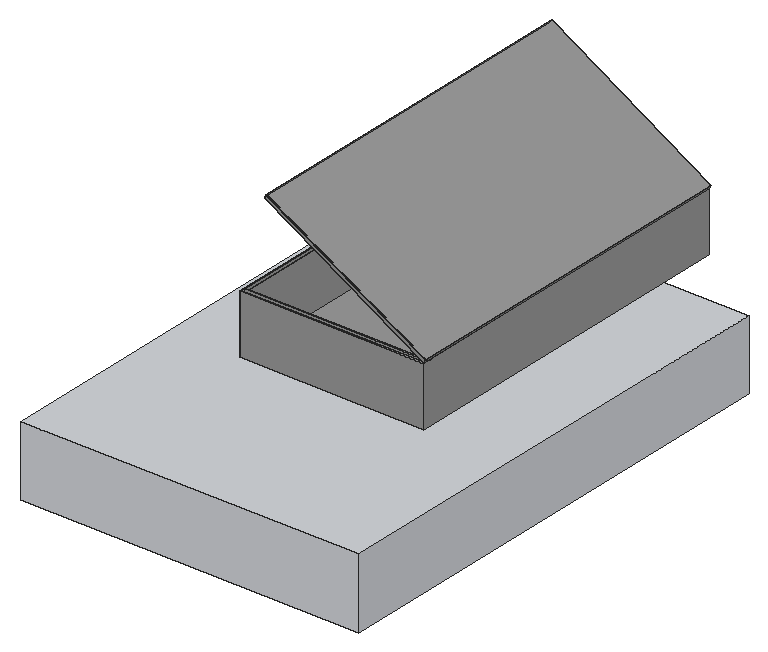
Revit family "Hager-Univers-IP55-D275-H1550-Cl.II-Steel_encl-CH-fr", category Equipement électrique, Revit 2020
Family settings
  Hôte = Face
  Configuration du panneau = Deux colonnes, circuits au sein
  Cote de connecteur circulaire = Utiliser le diamètre
  Type d'élément = Tableau de raccordement
  Couper avec des vides une fois chargée = Non
  Partagée = Non
  Point de calcul de pièce = Non
Parameters (values of type "saillie IP55 L800 H1550 P275  - FR03S")
  Width Control [instance] = if([EF000008 - largeur] > Min Width, [EF000008 - largeur], Min Width)  # 800 mm
  Commentaires du type = [HG000003 - Gamme]  # "Univers"
  Thickness Door [instance] = if([EF009171 - épaisseur de matériau de la porte/du couvercle] > 3 mm, 3 mm, [EF009171 - épaisseur de matériau de la porte/du couvercle])  # 1.5 mm
  Seal Frame Offset [instance] = 17 mm  # constant formula
  Plinth Visibility [instance] = [HG000027 - Hauteur du socle] > 0 mm  # no
  Model = ""
  Min Width [instance] = 100 mm  # constant formula
  Min Height [instance] = 100 mm  # constant formula
  Min Depth [instance] = (2 * [EF009170 - épaisseur de matériau du boîtier]) + 1 mm  # 4 mm
  Internal Frame Depth [instance] = (Door System Depth * 0.5)  # 9 mm
  Height Control [instance] = if([EF000040 - hauteur] > Min Height, [EF000040 - hauteur], Min Height)  # 1550 mm
  HG000027 - Hauteur du socle = 0 mm
  HG000026 - Installation au sol = no
  HG000024 - Hauteur de la section basse = 800 mm
  HG000023 - Armoire double section = no
  HG000016 - Visibilité de la porte 3D [instance] = yes
  HG000015 - Visibilité de l'emprise de la porte [instance] = no
  HG000014 - Porte à droite [instance] = yes
  HG000013 - Porte à gauche [instance] = not([HG000014 - Porte à droite])  # no
  HG000012 - Angle de pivotement de la porte [instance] = 30.00°
  HG000010 - Portes asymétriques = no
  HG000009 - Porte à double battant = no
  HG000006 - Encastré = no
  HG000004 - Référence fabricant = "FR03S"
  HG000003 - Gamme = "Univers"
  HG000002 - avec porte = yes
  Frame Offset Bottom [instance] = 10 mm  # constant formula
  Frame Offset [instance] = 15 mm  # constant formula
  EF015940 - couvercle avec décharge de pression = no
  EF011959 - degré de protection (NEMA) = ""
  EF009554 - nombre d'ouvertures pour plaques à bride = 6
  Fabricant = "Hager"  # constant formula
  EF009212 - finition du couvercle = "EV000116 - fermé"
  EF009171 - épaisseur de matériau de la porte/du couvercle = 1.5 mm
  EF009170 - épaisseur de matériau du boîtier = 1.5 mm
  EF008873 - courant nominal (In) = 800 A
  EF007800 - adapté à un parafoudre = no
  EF006306 - avec serrure = no
  EF006244 - couvercle/porte transparent(e) = no
  EF005474 - indice de protection (IP) = "EV006420 - IP55"
  EF004464 - type de porte = "EV002646 - unique"
  EF004427 - nombre de modules = 360
  EF004293 - indice de protection contre les chocs (IK) = "EV008784 - IK10"
  EF003532 - convient pour utilisation à l’extérieur = no
  EF002950 - largeur en nombre de modules = 24
  EF001613 - maintien de fonction = "EV000494 - sans"
  EF001596 - matériau du boîtier/corps = "EV000179 - acier"
  EF001131 - profondeur intérieure = 275 mm
  EF001088 - possibilité de montage en saillie = yes
  EF000437 - nombre d'entrées de conduit = 6
  EF000339 - type de capot = "EV004216 - porte"
  EF000266 - nombre de rangées = 10
  EF000218 - profondeur d'encastrement = 0 mm
  EF000118 - avec cadre/support de montage = no
  EF000116 - numéro RAL = "7035"
  EF000049 - profondeur = 275 mm
  EF000040 - hauteur = 1550 mm
  EF000008 - largeur = 800 mm
  EF000007 - couleur = "EV000270 - gris"
  EF000003 - mode de pose = "EV000384 - saillie"
  Door System Leaf Tolerance [instance] = 1.5 mm  # constant formula
  Door System Depth [instance] = 18 mm  # constant formula
  Door Height [instance] = Height Control - [HG000027 - Hauteur du socle]  # 1550 mm
  Depth Control [instance] = if([EF000049 - profondeur] > Min Depth, [EF000049 - profondeur], Min Depth)  # 275 mm
  Default Elevation = 0 mm
  Connector Offset [instance] = Height Control / 2  # 775 mm
  Bottom Top Plate Trim [instance] = 1.5 mm  # constant formula
  Plinth height Ctrl [instance] = if([HG000027 - Hauteur du socle] > 0 mm, [HG000027 - Hauteur du socle], 12 mm)  # 12 mm
Types (5, lengths in mm): name | Width Control | HG000010 - Portes asymétriques | HG000009 - Porte à double battant | HG000004 - Référence fabricant | EF009554 - nombre d'ouvertures pour plaques à bride | EF004464 - type de porte | EF004427 - nombre de modules | EF000437 - nombre d'entrées de conduit | EF000008 - largeur
  saillie IP55 L1050 H1550 P275  - FR04S | 1050 | no | yes | "FR04S" | 8 | "EV003602 - double" | 480 | 8 | 1050
  saillie IP55 L1300 H1550 P275  - FR05S | 1300 | yes | yes | "FR05S" | 10 | "EV003602 - double" | 600 | 10 | 1300
  saillie IP55 L300 H1550 P275  - FR01S | 300 | no | no | "FR01S" | 2 | "EV002646 - unique" | 120 | 2 | 300
  saillie IP55 L550 H1550 P275  - FR02S | 550 | no | no | "FR02S" | 4 | "EV002646 - unique" | 240 | 4 | 550
  saillie IP55 L800 H1550 P275  - FR03S | 800 | no | no | "FR03S" | 6 | "EV002646 - unique" | 360 | 6 | 800
Reference planes
  plane 1 "Center (Front/Back)": y = 0
  plane 2: z = 0
  plane 3 "Center (Left/Right)": x = 0
  plane 4: z = 275
  plane 5: y = 1.5
  plane 6: y = 775
  plane 7: y = 0
  plane 8: y = 1550
  plane 9: z = 0
  plane 10: x = -385
  plane 11: x = 385
  plane 12: x = 383.5
  plane 13: x = -383.5
  plane 14: y = 1548.5
  plane 15: x = -383
  plane 16: x = -400
  plane 17: x = 383
  plane 18: x = 400
  plane 19: x = 398.5
  plane 20: x = -398.5
  plane 21: y = 11.5
  plane 22: y = 1550
  plane 23: y = 1533.5
  plane 24: z = 257
  plane 25: z = 1.5
  plane 26: z = 255.5
  plane 27: z = 273.5
Forms (mm)
  Extrusion 1, solid
    sketch origin (0, 0, 0) x (1, 0, 0) y (0, 1, 0)
      loop
        line (-702.964, 1305) -> (-702.964, -811.445) -> (766.763, -811.445) -> (766.763, 1305) -> (-702.964, 1305)
    from 0 to -304.8
  Extrusion 2, solid, material "Hager_Steel_RAL7035_Light_Grey", visible <- "Plinth Visibility", detail levels medium+fine
    sketch origin (0, 0, 0) x (1, 0, 0) y (0, 1, 0)
      loop
        line (-400, 0) -> (400, 0) -> (400, 12) -> (-400, 12) -> (-400, 0)
    from 0 to 257
  Extrusion 3, solid, material "Hager_Steel_RAL7035_Light_Grey", detail levels medium+fine
    sketch origin (0, 0, 0) x (1, 0, 0) y (0, 1, 0)
      loop
        line (-400, 0) -> (400, 0) -> (400, 1550) -> (-400, 1550) -> (-400, 0)
    from 0 to 257
  Extrusion 4, void
    sketch origin (0, 0, 0) x (1, 0, 0) y (0, 1, 0)
      loop
        line (-398.5, 1.5) -> (398.5, 1.5) -> (398.5, 1548.5) -> (-398.5, 1548.5) -> (-398.5, 1.5)
    from 1.5 to 255.5
  Extrusion 5, void
    sketch origin (-381.607, -4572, 257) x (0, -1, 0) y (-1, 0, 0)
      loop
        line (-4583.5, 1.893) -> (-6105.5, 1.893) -> (-6105.5, -765.107) -> (-4583.5, -765.107) -> (-4583.5, 1.893)
    from 0 to 1.5 <- "EF009170 - épaisseur de matériau du boîtier"
  Extrusion 6, solid, material "Hager_Steel_RAL7035_Light_Grey", detail levels fine
    sketch origin (0, 0, 257) x (1, 0, 0) y (0, 1, 0)
      loop
        line (-383.5, 1533.5) -> (-383.5, 11.5) -> (383.5, 11.5) -> (383.5, 1533.5) -> (-383.5, 1533.5)
      loop
        line (-385, 10) -> (385, 10) -> (385, 1535) -> (-385, 1535) -> (-385, 10)
    from 0 to 9 <- "Internal Frame Depth"
  Extrusion 7, solid, material "Hager_Steel_RAL7035_Light_Grey", detail levels coarse
    sketch origin (0, 0, 0) x (1, 0, 0) y (0, 1, 0)
      loop
        line (-400, 0) -> (400, 0) -> (400, 1550) -> (-400, 1550) -> (-400, 0)
    from 0 to 275
  Sweep 8, void
    path in 3D
      loop
        line (-400, 12, 0) -> (400, 12, 0) -> (400, 12, 257) -> (-400, 12, 257) -> (-400, 12, 0)
    profile origin (-400, 12, 128.5) x (-1, 0, 0) y (0, -1, 0)
      loop
        line (0, 0) -> (0, 1.5) -> (-1.5, 1.5)
        arc (-1.5, 1.5) -> (-1.061, 0.439) -> (0, 0) r 1.5
Cuts and joins
  Extrusion 4, Extrusion 5 cuts Extrusion 3
  Sweep 8 cuts Extrusion 2
Lines and regions (mm)
  Masking region 1
    outline origin (0, 0, 0) x (1, 0, 0) y (0, 0, 1)
      loop
        line (-400, 275) -> (-400, 0) -> (400, 0) -> (400, 275) -> (-400, 275)
  Masking region 2, detail levels medium+fine
    outline origin (0, 140, 0) x (0, 1, 0) y (0, 0, 1)
      loop
        line (-140, 0) -> (1410, 0) -> (1410, 257) -> (-140, 257) -> (-140, 0)
  Masking region 3, not visible, detail levels medium+fine
    outline origin (0, 297.922, 0) x (0, 1, 0) y (0, 0, 1)
      loop
        line (488.578, 0) -> (528.578, 0) -> (528.578, 263.5)
        arc (528.578, 263.5) -> (525.649, 270.571) -> (518.578, 273.5) r 10
        line (518.578, 273.5) -> (488.578, 273.5) -> (488.578, 0)
  Masking region 4, detail levels coarse
    outline origin (0, 0, 180) x (0, 1, 0) y (0, 0, 1)
      loop
        line (0, -180) -> (1550, -180) -> (1550, 95) -> (0, 95) -> (0, -180)
  Masking region 5, visible <- "Plinth Visibility", detail levels medium+fine
    outline origin (0, 52.24, 12.345) x (0, 0, -1) y (0, 1, 0)
      loop
        line (10.845, -40.24) -> (-243.155, -40.24)
        arc (-243.155, -40.24) -> (-243.594, -41.301) -> (-244.655, -41.74) r 1.5
        line (-244.655, -41.74) -> (-244.655, -52.24) -> (12.345, -52.24) -> (12.345, -41.74)
        arc (12.345, -41.74) -> (11.285, -41.301) -> (10.845, -40.24) r 1.5
  Masking region 6, detail levels medium+fine
    outline origin (-381.607, -4572, 257) x (-1, 0, 0) y (0, -1, 0)
      loop
        line (18.393, -6122) -> (18.393, -4572) -> (-781.607, -4572) -> (-781.607, -6122) -> (18.393, -6122)
  Masking region 7, visible <- "Plinth Visibility", detail levels medium+fine
    outline origin (-381.607, -4727, 257) x (-1, 0, 0) y (0, -1, 0)
      loop
        arc (16.893, -4739) -> (17.332, -4737.939) -> (18.393, -4737.5) r 1.5
        line (18.393, -4737.5) -> (18.393, -4727) -> (-781.607, -4727) -> (-781.607, -4737.5)
        arc (-781.607, -4737.5) -> (-780.546, -4737.939) -> (-780.107, -4739) r 1.5
        line (-780.107, -4739) -> (16.893, -4739)
  Masking region 8, detail levels coarse
    outline origin (-442.548, -4669.526, 257) x (-1, 0, 0) y (0, -1, 0)
      loop
        line (-42.548, -6219.526) -> (-42.548, -4669.526) -> (-842.548, -4669.526) -> (-842.548, -6219.526) -> (-42.548, -6219.526)
  sketch lines
    curve 1: line (-400, 12, 257) -> (-400, 12, 0)
    curve 2: line (400, 12, 257) -> (-400, 12, 257)
    curve 3: line (400, 12, 257) -> (400, 12, 0)
    curve 4: line (-400, 12, 0) -> (400, 12, 0)
Dimensions and locks
  "Depth Control": plane 4 to Extrusion 1
  "HG000027 - Hauteur du socle": plane 1 "Center (Front/Back)" to plane 7
  "EF009170 - épaisseur de matériau du boîtier": plane 5 to plane 7
  locked: connector elem to plane 3 "Center (Left/Right)"
  equal spacing: plane 8, plane 6, plane 7
  locked: connector elem to plane 6
  "EF009170 - épaisseur de matériau du boîtier": plane 8 to plane 14
  "EF009170 - épaisseur de matériau du boîtier": plane 10 to plane 13
  "EF009170 - épaisseur de matériau du boîtier": plane 12 to plane 11
  "Frame Offset": plane 20 to plane 13
  "Frame Offset": plane 12 to plane 19
  "EF009170 - épaisseur de matériau du boîtier": plane 16 to plane 20
  "EF009170 - épaisseur de matériau du boîtier": plane 19 to plane 18
  "Seal Frame Offset": plane 16 to plane 15
  "Seal Frame Offset": plane 17 to plane 18
  "Frame Offset Bottom": plane 21 to plane 5
  "Frame Offset": plane 14 to plane 23
  equal spacing: plane 16, plane 3 "Center (Left/Right)", plane 18
  "Width Control": plane 16 to plane 18
  "EF009170 - épaisseur de matériau du boîtier": plane 4 to plane 27
  "EF009170 - épaisseur de matériau du boîtier": plane 24 to plane 26
  "EF009170 - épaisseur de matériau du boîtier": plane 25 to level
  "Door System Depth": plane 4 to plane 24
  "Height Control": plane 1 "Center (Front/Back)" to Extrusion 7 sketch curve
  "Height Control": Masking region 4 sketch curve to plane 1 "Center (Front/Back)"
  "Height Control": plane 1 "Center (Front/Back)" to plane 22
  "Bottom Top Plate Trim": profile plane to Sweep 8 sketch curve
  "Bottom Top Plate Trim": Sweep 8 sketch curve to profile plane
  "Plinth height Ctrl": plane 1 "Center (Front/Back)" to Extrusion 2 sketch curve
  "Plinth height Ctrl": Masking region 5 sketch curve to plane 1 "Center (Front/Back)"
  "Plinth height Ctrl": plane 1 "Center (Front/Back)" to Masking region 7 sketch curve
  "Thickness Door": Extrusion 6 sketch curve to Extrusion 6 sketch curve  (x3)
  "Thickness Door": cut or joined group of Extrusion 3, Extrusion 4, Extrusion 5 to Extrusion 6 sketch curve
  radius of Masking region 3 sketch curve = 10 mm
  "Bottom Top Plate Trim": radius of Masking region 5 sketch curve  (x2)
  "Bottom Top Plate Trim": radius of Sweep 8 sketch curve
  "Bottom Top Plate Trim": radius of Masking region 7 sketch curve  (x2)
  aligned and locked: plane 2 to Extrusion 1
  aligned and locked: level to Extrusion 1
  aligned and locked: level to Masking region 1 sketch curve
  aligned and locked: Masking region 1 sketch curve to plane 18
  aligned and locked: Masking region 1 sketch curve to plane 16
  aligned and locked: plane 7 to Masking region 2 sketch curve
  aligned and locked: level to Masking region 3 sketch curve
  aligned and locked: Masking region 3 sketch curve to plane 27
  aligned and locked: level to Masking region 2 sketch curve
  aligned and locked: plane 1 "Center (Front/Back)" to Extrusion 2 sketch curve
  aligned and locked: Extrusion 3 sketch curve to plane 7
  aligned and locked: plane 16 to Extrusion 3 sketch curve
  aligned and locked: plane 18 to Extrusion 3 sketch curve
  aligned and locked: plane 20 to Extrusion 4 sketch curve
  aligned and locked: plane 19 to Extrusion 4 sketch curve
  aligned and locked: Extrusion 4 sketch curve to plane 5
  aligned and locked: Extrusion 4 to plane 25
  aligned and locked: plane 26 to Extrusion 4
  aligned and locked: plane 24 to Extrusion 3
  aligned and locked: Extrusion 5 sketch curve to plane 21
  aligned and locked: Extrusion 5 sketch curve to plane 13
  aligned and locked: Extrusion 5 sketch curve to plane 12
  aligned and locked: plane 18 to Extrusion 7 sketch curve
  aligned and locked: plane 1 "Center (Front/Back)" to Extrusion 7 sketch curve
  aligned and locked: plane 16 to Extrusion 7 sketch curve
  aligned and locked: plane 4 to Extrusion 7
  aligned and locked: Extrusion 7 to level
  aligned and locked: level to Masking region 4 sketch curve
  aligned and locked: Masking region 4 sketch curve to plane 1 "Center (Front/Back)"
  aligned and locked: Masking region 4 sketch curve to plane 4
  aligned and locked: nested 1 to level
  aligned and locked: nested 1 to plane 16
  aligned and locked: plane 8 to Extrusion 3 sketch curve
  aligned and locked: plane 23 to Extrusion 5 sketch curve
  aligned and locked: plane 14 to Extrusion 4 sketch curve
  aligned and locked: Masking region 2 sketch curve to plane 8
  aligned and locked: level to Masking region 5 sketch curve
  aligned and locked: plane 16 to Extrusion 2 sketch curve
  aligned and locked: plane 18 to Extrusion 2 sketch curve
  aligned and locked: Masking region 5 sketch curve to plane 24
  aligned and locked: Masking region 2 sketch curve to plane 24
  aligned and locked: plane 24 to Extrusion 2
  aligned and locked: profile plane to Sweep 8 sketch curve  (x2)
  aligned and locked: Masking region 6 sketch curve to plane 18
  aligned and locked: Masking region 6 sketch curve to plane 22
  aligned and locked: Masking region 6 sketch curve to plane 16
  aligned and locked: plane 8 to plane 22
  aligned and locked: Masking region 6 sketch curve to plane 7
  aligned and locked: Masking region 7 sketch curve to plane 16
  aligned and locked: Masking region 7 sketch curve to plane 1 "Center (Front/Back)"
  aligned and locked: Masking region 7 sketch curve to plane 18
  aligned and locked: Masking region 8 sketch curve to plane 1 "Center (Front/Back)"
  aligned and locked: Masking region 8 sketch curve to plane 18
  aligned and locked: Masking region 8 sketch curve to plane 22
  aligned and locked: Masking region 8 sketch curve to plane 16
  aligned and locked: nested 2 to plane 7
  aligned and locked: plane 3 "Center (Left/Right)" to nested 2
  aligned and locked: nested 2 to plane 24
  aligned and locked: Extrusion 6 sketch curve to cut or joined group of Extrusion 3, Extrusion 4, Extrusion 5  (x4)
Automatic sketch dimensions
  Extrusion 1 sketch curve to Extrusion 1 sketch curve = 1469.727 mm
  Extrusion 1 sketch curve to Extrusion 1 sketch curve = 2116.445 mm
  Masking region 1 sketch curve to plane 4 = 0 mm
  plane 6 to Masking region 3 sketch curve = 11.5 mm
  Masking region 3 sketch curve to Masking region 3 sketch curve = 30 mm
  Masking region 5 sketch curve to plane 1 "Center (Front/Back)" = 0 mm
Nested families
  nested 1: "Hager_Enclosure_Symbol" at (-400, 0, 0) x (1, 0, 0) z (0, -1, 0), Height <- "Depth Control", Width <- "Width Control", type "Hager_Enclosure_Symbol"
    with Width_Ctrl 800 mm, Width 800 mm, Height_Ctrl 275 mm, Height 275 mm, A_Width_Int 18.047 mm, A_Width 216.562 mm, A_Height_Ctrl 240.625 mm, A_Height 240.625 mm
  nested 2: "EC000058_Univers_Door" at (0, 0, 257) x (1, 0, 0) z (0, 1, 0), Leaf_Tolerance <- "Door System Leaf Tolerance", Angle <- "HG000012 - Angle de pivotement de la porte", Door_Depth <- "Door System Depth", Door_Left <- "HG000013 - Porte à gauche", Transparent <- "EF006244 - couvercle/porte transparent(e)", Assymetrical <- "HG000010 - Portes asymétriques", Width <- "Width Control", Clearance <- "HG000015 - Visibilité de l'emprise de la porte", Double <- "HG000009 - Porte à double battant", 3d_Door <- "HG000016 - Visibilité de la porte 3D", Lock_Visibility <- "EF006306 - avec serrure", Width_Ctrl <- "Width Control", Door_Right <- "HG000014 - Porte à droite", Door <- "HG000002 - avec porte", Height <- "Door Height", Thickness <- "Thickness Door", type "EC000058_Univers_Door", detail levels medium+fine
    with min_wh 4 mm, Width_Ctrl 800 mm, Width 800 mm, Transparent no, Thickness 1.5 mm, Seal_Material Hager_Rubber, Lock_Visibility no, Lock_Material Hager_Plastic_RAL9005_Jet_Black, Leaf_Width 800 mm, Leaf_Tolerance_External_Sides 0 mm, Leaf_Tolerance 1.5 mm, Leaf_Offset 0 mm, Leaf_Height 1547 mm, Leaf_2_Width 800 mm, Leaf_2_Offset 400 mm, Leaf_1_Width 800 mm, Leaf_1_Offset 400 mm, Height_Ctrl 1550 mm, Height 1550 mm, Glass_Material Hager_Glass, Double_Clearance_Ctrl no, Double no, Door_Right_Ctrl yes, Door_Right yes, Door_Material Hager_Steel_RAL7035_Light_Grey, Door_Left_Ctrl no, Door_Left no, Door_Depth 18 mm, Door yes, Clearance_Material Hager_Clearance, Clearance_Depth 800 mm, Clearance_Ctrl no, Clearance no, Assymetrical no, Angle 30.00°, 3d_Door yes
Connectors
  electrical at (0, 775, 0)
    settings: on plane 9, index 1, voltage 0 V, apparent load 0 VA, apparent load phase1 0 VA, apparent load phase2 0 VA, apparent load phase3 0 VA, power factor 1, load classification "Other", number of poles 1, system type 30, power factor state 1, is connector primary yes, connector utility no, sub classification motor no, connector description ""
Definition of nested family "EC000058_Univers_Door"
  Parameters (values of type "EC000058_Univers_Door")
    min_wh [instance] = (2 * Thickness) + 1 mm  # 11 mm
    Width_Ctrl [instance] = 400 mm
    Width [instance] = 500 mm
    Transparent [instance] = yes
    Thickness [instance] = 5 mm
    Seal_Material [instance] = none
    Lock_Visibility [instance] = yes
    Lock_Material [instance] = none
    Leaf_Width [instance] = if((Width_Ctrl - 2 * Leaf_Tolerance_External_Sides) > 0 mm, (Width_Ctrl - 2 * Leaf_Tolerance_External_Sides), min_wh)  # 400 mm
    Leaf_Tolerance_External_Sides [instance] = 0 mm  # constant formula
    Leaf_Tolerance [instance] = 1.5 mm
    Leaf_Offset [instance] = 0 mm  # constant formula
    Leaf_Height [instance] = if((Height_Ctrl - 2 * Leaf_Tolerance) > 0 mm, (Height_Ctrl - 2 * Leaf_Tolerance), min_wh)  # 497 mm
    Leaf_2_Width [instance] = if(and(and(Double, Assymetrical), Door_Left), (Leaf_Width / 3) - (Leaf_Tolerance / 2), if(and(and(Double, Assymetrical), Door_Right), (Leaf_Width / 3) * 2 - (Leaf_Tolerance / 2), if(and(Double, not(Assymetrical)), (Leaf_Width / 2) - Leaf_Tolerance, Leaf_Width)))  # 400 mm
    Leaf_2_Offset [instance] = if(and(Double, Assymetrical), Leaf_2_Width / 2, if(and(Double, not(Assymetrical)), Leaf_Width / 4, Leaf_Width / 2))  # 200 mm
    Leaf_1_Width [instance] = if(and(and(Double, Assymetrical), Door_Right), (Leaf_Width / 3) - (Leaf_Tolerance / 2), if(and(and(Double, Assymetrical), Door_Left), (Width / 3) * 2 - (Leaf_Tolerance / 2), if(and(Double, not(Assymetrical)), (Leaf_Width / 2) - Leaf_Tolerance, Leaf_Width)))  # 400 mm
    Leaf_1_Offset [instance] = if(and(Double, Assymetrical), Leaf_1_Width / 2, if(and(Double, not(Assymetrical)), Leaf_Width / 4, Leaf_Width / 2))  # 200 mm
    Height_Ctrl [instance] = if(Height > min_wh, Height, min_wh)  # 500 mm
    Height [instance] = 500 mm
    Glass_Material [instance] = none
    Double_Clearance_Ctrl [instance] = and(Double, Clearance)  # no
    Double [instance] = no
    Door_Right_Ctrl [instance] = and(or(Door_Right, Double), Door)  # yes
    Door_Right [instance] = yes
    Door_Material [instance] = none
    Door_Left_Ctrl [instance] = and(or(Door_Left, Double), Door)  # no
    Door_Left [instance] = no
    Door_Depth [instance] = 30 mm
    Door [instance] = yes
    Default Elevation = 1219.2 mm
    Clearance_Material [instance] = none
    Clearance_Depth [instance] = if(Leaf_1_Width > Leaf_2_Width, Leaf_1_Width, Leaf_2_Width)  # 400 mm
    Clearance_Ctrl [instance] = and(not(Double), Clearance)  # yes
    Clearance [instance] = yes
    Assymetrical [instance] = yes
    Angle [instance] = 30.00°
    3d_Door [instance] = yes
  Reference planes
    plane 1 "Center (Front/Back)": y = 0
    plane 2 "Bottom": z = 0
    plane 3 "Center (Left/Right)": x = 0
    plane 4: z = 500
    plane 5: x = -200
    plane 6: x = 200
    plane 7: z = 500
    plane 8: x = -200
    plane 9: z = 0
    plane 10: x = 200
    plane 11: y = 0
    plane 12: z = 1.5
    plane 13: x = -600
    plane 14: y = -400
    plane 15: x = 600
    plane 16: x = 0
    plane 17: x = 0
    plane 18: x = -200
    plane 19: x = 200
    plane 20: z = 498.5
  Forms (mm)
    Extrusion 1, solid, material <- "Clearance_Material", visible <- "Double_Clearance_Ctrl"
      sketch origin (1200, 0, 0) x (1, 0, 0) y (0, 0, -1)
        loop
          line (-1800, -498.5) -> (-600, -498.5) -> (-600, 0) -> (-1800, 0) -> (-1800, -498.5)
      from 0 to -400
  Dimensions and locks
    equal spacing: plane 5, plane 3 "Center (Left/Right)", plane 6
    "Width_Ctrl": plane 5 to plane 6
    "Leaf_Offset": plane 5 to plane 8
    "Leaf_Offset": plane 6 to plane 10
    "Leaf_Offset": plane 9 to level
    "Leaf_Offset": plane 4 to plane 7
    "Height_Ctrl": plane 4 to level
    "Leaf_Tolerance": plane 12 to plane 9
    locked: plane 11 to plane 1 "Center (Front/Back)"
    "Leaf_1_Offset": plane 18 to plane 16
    "Leaf_2_Offset": plane 17 to plane 19
    "Leaf_1_Width": plane 13 to plane 8
    "Leaf_2_Width": plane 10 to plane 15
    "Clearance_Depth": plane 14 to plane 1 "Center (Front/Back)"
    "Leaf_Tolerance_External_Sides": plane 8 to plane 18
    "Leaf_Tolerance_External_Sides": plane 19 to plane 10
    "Leaf_Tolerance": plane 7 to plane 20
    aligned and locked: level to plane 2 "Bottom"
    aligned and locked: nested 1 to plane 16
    aligned and locked: nested 2 to plane 17
    aligned and locked: Extrusion 1 to plane 13
    aligned and locked: plane 15 to Extrusion 1
    aligned and locked: Extrusion 1 to plane 14
    aligned and locked: plane 12 to nested 1
    aligned and locked: nested 2 to plane 12
    aligned and locked: Extrusion 1 to plane 11
    aligned and locked: plane 20 to Extrusion 1
    aligned and locked: nested 2 to plane 11
    aligned and locked: nested 1 to plane 11
  Automatic sketch dimensions
    Extrusion 1 sketch curve to level = 0 mm
    plane 5 to Extrusion 1 sketch curve = 400 mm
    plane 6 to Extrusion 1 sketch curve = 400 mm
    Extrusion 1 sketch curve to plane 4 = 1.5 mm
  Nested families
    nested 1: "EC000058_Univers_Door_Leaf" at (0, 0, 1.5), Width <- "Leaf_1_Width", visible <- "Door_Left_Ctrl", Leaf_Height <- "Leaf_Height", Angle <- "Angle", 3d_Door <- "3d_Door", Transparent <- "Transparent", Clearance Material <- "Clearance_Material", Clearance <- "Clearance_Ctrl", Door_Material <- "Door_Material", Glass_Material <- "Glass_Material", Door_Depth <- "Door_Depth", Lock_Material <- "Lock_Material", Seal_Material <- "Seal_Material", Lock_Visibility <- "Lock_Visibility", Thickness <- "Thickness", type "EC000058_Univers_Door_Leaf"
      with Width 400 mm, Transparent_Glass_Offset 30 mm, Transparent_Ctrl yes, Transparent yes, Thickness 5 mm, Standard no, Seal_Material none, Seal_D2 8 mm, Seal_D1 1 mm, Offset_Internal_Frame 10 mm, Lock_Width 20 mm, Lock_Visibility_3d yes, Lock_Visibility yes, Lock_Thickness_3 3 mm, Lock_Thickness_2 1 mm, Lock_Thickness_1 3 mm, Lock_Radius_Offset_2 16 mm, Lock_Radius_Offset_1 15 mm, Lock_Radius_2 5 mm, Lock_Radius 6 mm, Lock_Offset 5 mm, Lock_Material none, Lock_Height 80 mm, Lock_Cover_Top_Offset_2d 17 mm, Lock_Cover_Height -65 mm, Leaf_Height 497 mm, Internal_Seal_Thickness 8 mm, Internal_Seal_Depth_2 4.5 mm, Internal_Frame_Depth 25 mm, Glass_Thickness -1 mm, Glass_Offset -2 mm, Glass_Material none, Door_Material none, Door_Depth 30 mm, Clearance Material none, Clearance yes, Angle_Ctrl 30.00°, Angle 30.00°, 3d_Door yes
    nested 2: "EC000058_Univers_Door_Leaf" at (0, 0, 1.5) x (-1, 0, 0) z (0, 0, 1), Width <- "Leaf_2_Width", visible <- "Door_Right_Ctrl", Leaf_Height <- "Leaf_Height", Angle <- "Angle", 3d_Door <- "3d_Door", Transparent <- "Transparent", Clearance Material <- "Clearance_Material", Clearance <- "Clearance_Ctrl", Door_Material <- "Door_Material", Glass_Material <- "Glass_Material", Door_Depth <- "Door_Depth", Lock_Material <- "Lock_Material", Seal_Material <- "Seal_Material", Lock_Visibility <- "Lock_Visibility", Thickness <- "Thickness", type "EC000058_Univers_Door_Leaf"
      with Width 400 mm, Transparent_Glass_Offset 30 mm, Transparent_Ctrl yes, Transparent yes, Thickness 5 mm, Standard no, Seal_Material none, Seal_D2 8 mm, Seal_D1 1 mm, Offset_Internal_Frame 10 mm, Lock_Width 20 mm, Lock_Visibility_3d yes, Lock_Visibility yes, Lock_Thickness_3 3 mm, Lock_Thickness_2 1 mm, Lock_Thickness_1 3 mm, Lock_Radius_Offset_2 16 mm, Lock_Radius_Offset_1 15 mm, Lock_Radius_2 5 mm, Lock_Radius 6 mm, Lock_Offset 5 mm, Lock_Material none, Lock_Height 80 mm, Lock_Cover_Top_Offset_2d 17 mm, Lock_Cover_Height -65 mm, Leaf_Height 497 mm, Internal_Seal_Thickness 8 mm, Internal_Seal_Depth_2 4.5 mm, Internal_Frame_Depth 25 mm, Glass_Thickness -1 mm, Glass_Offset -2 mm, Glass_Material none, Door_Material none, Door_Depth 30 mm, Clearance Material none, Clearance yes, Angle_Ctrl 30.00°, Angle 30.00°, 3d_Door yes
  Definition of nested family "EC000058_Univers_Door_Leaf"
    Parameters (values of type "EC000058_Univers_Door_Leaf")
      Width [instance] = 2000 mm
      Transparent_Glass_Offset [instance] = 30 mm
      Transparent_Ctrl [instance] = and(Transparent, [3d_Door])  # yes
      Transparent [instance] = yes
      Thickness [instance] = 5 mm
      Standard [instance] = and(not(Transparent), [3d_Door])  # no
      Seal_Material [instance] = none
      Seal_D2 [instance] = 8 mm  # constant formula
      Seal_D1 [instance] = 1 mm  # constant formula
      Offset_Internal_Frame [instance] = 10 mm  # constant formula
      Lock_Width [instance] = 20 mm  # constant formula
      Lock_Visibility_3d [instance] = and(Lock_Visibility, [3d_Door])  # yes
      Lock_Visibility [instance] = yes
      Lock_Thickness_3 [instance] = 3 mm  # constant formula
      Lock_Thickness_2 [instance] = 1 mm  # constant formula
      Lock_Thickness_1 [instance] = 3 mm  # constant formula
      Lock_Radius_Offset_2 [instance] = Lock_Radius_Offset_1 + 1 mm  # 16 mm
      Lock_Radius_Offset_1 [instance] = 15 mm  # constant formula
      Lock_Radius_2 [instance] = Lock_Radius - 1 mm  # 5 mm
      Lock_Radius [instance] = 6 mm  # constant formula
      Lock_Offset [instance] = 5 mm  # constant formula
      Lock_Material [instance] = none
      Lock_Height [instance] = 80 mm  # constant formula
      Lock_Cover_Top_Offset_2d [instance] = Lock_Radius_Offset_2 + 1 mm  # 17 mm
      Lock_Cover_Height [instance] = -(Lock_Height - Lock_Radius_Offset_1)  # -65 mm
      Leaf_Height [instance] = 2720.336 mm
      Internal_Seal_Thickness [instance] = 8 mm  # constant formula
      Internal_Seal_Depth_2 [instance] = 4.5 mm  # constant formula
      Internal_Frame_Depth [instance] = if(Door_Depth - Thickness > 5 mm, Door_Depth - Thickness, 5 mm)  # 25 mm
      Glass_Thickness [instance] = if(Thickness > 15 mm, Glass_Offset + 10 mm, -1 mm)  # -1 mm
      Glass_Offset [instance] = if(Thickness > 15 mm, -(Thickness + 10 mm) / 2, -2 mm)  # -2 mm
      Glass_Material [instance] = none
      Door_Material [instance] = none
      Door_Depth [instance] = 30 mm
      Default Elevation = 0 mm
      Clearance Material [instance] = none
      Clearance [instance] = yes
      Angle_Ctrl [instance] = if(Angle > 180.00°, 180.00°, Angle)  # 90.00°
      Angle [instance] = 90.00°
      3d_Door [instance] = yes
    Reference planes
      plane 1 "Center (Front/Back)": y = 0
      plane 2: z = 0
      plane 3 "Center (Left/Right)": x = 0
      plane 4: y = 2000
      plane 5: x = -1000
      plane 6: x = 1000
      plane 7: x = -3000
      plane 8: z = 2720.336
      plane 9: z = 30
      plane 10: z = 2690.336
      plane 11: x = 970
      plane 12: x = -970
      plane 13: y = -3
      plane 14: z = 107.833
      plane 15: y = -5
      plane 16: y = -223.314
      plane 17: x = -1000
      plane 18: z = 1360.168
      plane 19: y = 30
    Forms (mm)
      Extrusion 1, solid, material <- "Clearance Material", visible <- "Clearance"
        sketch origin (0, 0, 0) x (1, 0, 0) y (0, 0, 1)
          loop
            line (-3000, 2720.336) -> (-3000, 0) -> (1000, 0) -> (1000, 2720.336) -> (-3000, 2720.336)
        from 0 to -2000
      Extrusion 2, solid, material <- "Door_Material", visible <- "Standard", detail levels medium+fine
        sketch origin (-1000, 0, 0) x (0, 1, 0) y (-1, 0, 0)
          loop
            line (0, 30) -> (0, 25) -> (2000, 25) -> (2000, 30) -> (0, 30)
        from 0 to 2720.336 <- "Leaf_Height"
      Extrusion 3, solid, material <- "Door_Material", visible <- "Transparent_Ctrl", detail levels medium+fine
        sketch origin (-1000, 0, 0) x (0, 1, 0) y (-1, 0, 0)
          loop
            line (0, 25) -> (2000, 25) -> (2000, 30) -> (0, 30) -> (0, 25)
        from 0 to 2720.336 <- "Leaf_Height"
      Extrusion 4, void
        sketch origin (-1025, 2000, 0) x (0, 1, 0) y (0, 0, -1)
          loop
            line (-30, -2690.336) -> (-30, -30) -> (-1970, -30) -> (-1970, -2690.336) -> (-30, -2690.336)
        from 0 to 5 <- "Thickness"
      Sweep 5, solid, material <- "Seal_Material", visible <- "Transparent_Ctrl", detail levels fine
        path in 3D
          loop
            line (-1025, 30, 30) -> (-1025, 30, 2690.336) -> (-1025, 1970, 2690.336) -> (-1025, 1970, 30) -> (-1025, 30, 30)
        profile origin (-1025, 1000, 30) x (1, 0, 0) y (0, 0, 1)
          loop
            line (0, 0) -> (0, -8) -> (1, -8) -> (1, 0) -> (0, 0)
      Extrusion 6, solid, material <- "Glass_Material", visible <- "Transparent_Ctrl", detail levels medium+fine
        sketch origin (-1030, 0, 0) x (0, 1, 0) y (0, 0, -1)
          loop
            line (1970, -2690.336) -> (1970, -30) -> (30, -30) -> (30, -2690.336) -> (1970, -2690.336)
        from -2 <- "Glass_Offset" to -1 <- "Glass_Thickness"
      Extrusion 7, solid, material <- "Door_Material", visible <- "3d_Door", detail levels medium+fine
        sketch origin (-1025, 2000, 0) x (0, -1, 0) y (0, 0, -1)
          loop
            line (0, -2720.336) -> (2000, -2720.336) -> (2000, 0) -> (0, 0) -> (0, -2720.336)
          loop
            line (1995, -5) -> (5, -5) -> (5, -2715.336) -> (1995, -2715.336) -> (1995, -5)
        from 0 to 25 <- "Internal_Frame_Depth"
      Sweep 8, solid, material <- "Seal_Material", visible <- "Transparent_Ctrl", detail levels fine
        path in 3D
          loop
            line (-1025, 0, 0) -> (-1025, 2000, 0) -> (-1025, 2000, 2720.336) -> (-1025, 0, 2720.336) -> (-1025, 0, 0)
        profile origin (-1025, 0, 1360.168) x (1, 0, 0) y (0, 1, 0)
          loop
            line (0, 10) -> (2.975, 10)
            arc (2.975, 10) -> (4.053, 10.447) -> (4.5, 11.525) r 1.525
            line (4.5, 11.525) -> (4.5, 16.527)
            arc (4.5, 16.527) -> (4.069, 17.569) -> (3.027, 18) r 1.473
            line (3.027, 18) -> (0, 18) -> (0, 10)
      Extrusion 9, solid, material <- "Lock_Material", visible <- "Lock_Visibility_3d", detail levels fine
        sketch origin (-1030, 0, 0) x (0, 1, 0) y (0, 0, -1)
          loop
            arc (1993.5, -1400.168) -> (1994.561, -1399.729) -> (1995, -1398.668) r 1.5
            line (1995, -1398.668) -> (1995, -1320.168) -> (1975, -1320.168) -> (1975, -1398.668)
            arc (1975, -1398.668) -> (1975.439, -1399.729) -> (1976.5, -1400.168) r 1.5
            line (1976.5, -1400.168) -> (1993.5, -1400.168)
        from 3 <- "Lock_Thickness_1" to 0
      Blend 10, solid, material <- "Lock_Material", visible <- "Lock_Visibility_3d", detail levels fine
        base sketch origin (-1033, 0, 0) x (0, 1, 0) y (0, 0, -1)
          loop
            line (1975, -1320.168) -> (1975, -1398.668)
            arc (1975, -1398.668) -> (1975.439, -1399.729) -> (1976.5, -1400.168) r 1.5
            line (1976.5, -1400.168) -> (1993.5, -1400.168)
            arc (1993.5, -1400.168) -> (1994.561, -1399.729) -> (1995, -1398.668) r 1.5
            line (1995, -1398.668) -> (1995, -1320.168) -> (1975, -1320.168)
        top sketch origin (-1033, 0, 0) x (0, 1, 0) y (0, 0, -1)
          loop
            line (1976, -1320.168) -> (1976, -1398.668)
            arc (1976, -1398.668) -> (1976.146, -1399.022) -> (1976.5, -1399.168) r 0.5
            line (1976.5, -1399.168) -> (1993.5, -1399.168)
            arc (1993.5, -1399.168) -> (1993.854, -1399.022) -> (1994, -1398.668) r 0.5
            line (1994, -1398.668) -> (1994, -1320.168) -> (1976, -1320.168)
        from 0 to 1 <- "Lock_Thickness_2"
      Blend 11, solid, material <- "Lock_Material", visible <- "Lock_Visibility_3d", detail levels fine
        base sketch origin (-1034, 0, 0) x (0, 1, 0) y (0, 0, -1)
          loop
            line (1978, -1320.168) -> (1978, -1384.168)
            arc (1978, -1384.168) -> (1985, -1391.168) -> (1992, -1384.168) r 7
            line (1992, -1384.168) -> (1992, -1320.168) -> (1978, -1320.168)
        top sketch origin (-1034, 0, 0) x (0, 1, 0) y (0, 0, -1)
          loop
            line (1991, -1320.168) -> (1979, -1320.168) -> (1979, -1383.168)
            arc (1979, -1383.168) -> (1985, -1389.168) -> (1991, -1383.168) r 6
            line (1991, -1383.168) -> (1991, -1320.168)
        from 0 to 3 <- "Lock_Thickness_3"
      Extrusion 12, solid, material <- "Lock_Material", visible <- "Lock_Visibility_3d", detail levels fine
        sketch origin (-1030, 1975, 1320.168) x (1, 0, 0) y (0, -1, 0)
          loop
            line (-7, -19) -> (-7, -1) -> (0, -1) -> (0, 0) -> (-8, 0) -> (-8, -20) -> (0, -20) -> (0, -19) -> (-7, -19)
        from 0 to -65 <- "Lock_Cover_Height"
      Extrusion 13, void
        sketch origin (-1038, 1995, 1320.168) x (-1, 0, 0) y (0, 0, -1)
          loop
            line (-5, -65) -> (0, -65) -> (-5, -60) -> (-5, -65)
        from 0 to 20 <- "Lock_Width"
      Extrusion 14, void
        sketch origin (-1038, 1975, 1320.168) x (0, -1, 0) y (0, 0, -1)
          loop
            circle (-10, -15.995) r 6
          loop
            circle (-10, -15.995) r 5
        from 0 to 2
      Extrusion 15, solid, material <- "Lock_Material", visible <- "Lock_Visibility_3d", detail levels medium
        sketch origin (-1030, 0, 0) x (0, 1, 0) y (0, 0, -1)
          loop
            arc (1993.5, -1400.168) -> (1994.561, -1399.729) -> (1995, -1398.668) r 1.5
            line (1995, -1398.668) -> (1995, -1320.168) -> (1975, -1320.168) -> (1975, -1398.668)
            arc (1975, -1398.668) -> (1975.439, -1399.729) -> (1976.5, -1400.168) r 1.5
            line (1976.5, -1400.168) -> (1993.5, -1400.168)
        from 8 to 0
    Cuts and joins
      Extrusion 4 cuts Extrusion 3
      Extrusion 13, Extrusion 14 cuts Extrusion 9
      Extrusion 14 cuts Blend 11
      Extrusion 13, Extrusion 14 cuts Extrusion 12
      joined: Extrusion 9, Blend 10, Blend 11, Extrusion 12
      Extrusion 14 cuts Extrusion 15
    Lines and regions (mm)
      Masking region 1, visible <- "Lock_Visibility", detail levels fine
        outline origin (0, 0, 0) x (0, 1, 0) y (0, 0, 1)
          loop
            line (30, 1320.168) -> (33, 1320.168) -> (33, 1400.168) -> (30, 1400.168) -> (30, 1320.168)
      Masking region 2, visible <- "Lock_Visibility", detail levels fine
        outline origin (0, 3.143, 0) x (0, 1, 0) y (0, 0, 1)
          loop
            line (29.857, 1354.168) -> (30.857, 1354.168) -> (30.857, 1366.168) -> (29.857, 1366.168) -> (29.857, 1354.168)
      Masking region 3, detail levels medium+fine
        outline origin (0, 0, 0) x (0, 1, 0) y (0, 0, 1)
          loop
            line (0, 0) -> (30, 0) -> (30, 2720.336) -> (0, 2720.336) -> (0, 0)
      Masking region 4, detail levels medium+fine
        outline origin (0, 0, 0) x (1, 0, 0) y (0, 0, 1)
          loop
            line (-1000, 2720.336) -> (-1000, 0) -> (1000, 0) -> (1000, 2720.336) -> (-1000, 2720.336)
      Masking region 5, visible <- "Lock_Visibility", detail levels fine
        outline origin (-47.116, 0, 0) x (1, 0, 0) y (0, 0, 1)
          loop
            arc (1024.616, 1399.168) -> (1023.556, 1398.729) -> (1023.116, 1397.668) r 1.5
            line (1023.116, 1397.668) -> (1023.116, 1320.168) -> (1041.116, 1320.168) -> (1041.116, 1397.668)
            arc (1041.116, 1397.668) -> (1040.677, 1398.729) -> (1039.616, 1399.168) r 1.5
            line (1039.616, 1399.168) -> (1024.616, 1399.168)
      Masking region 6, visible <- "Lock_Visibility", detail levels medium+fine
        outline origin (-25, 0, 0) x (1, 0, 0) y (0, 0, 1)
          loop
            arc (1001.5, 1400.168) -> (1000.439, 1399.729) -> (1000, 1398.668) r 1.5
            line (1000, 1398.668) -> (1000, 1320.168) -> (1020, 1320.168) -> (1020, 1398.668)
            arc (1020, 1398.668) -> (1019.561, 1399.729) -> (1018.5, 1400.168) r 1.5
            line (1018.5, 1400.168) -> (1001.5, 1400.168)
      Masking region 7, visible <- "Lock_Visibility", detail levels fine
        outline origin (-73.735, 0, 0) x (1, 0, 0) y (0, 0, 1)
          loop
            line (1051.735, 1382.168) -> (1065.735, 1382.168) -> (1065.735, 1384.168)
            arc (1065.735, 1384.168) -> (1058.735, 1391.168) -> (1051.735, 1384.168) r 7
            line (1051.735, 1384.168) -> (1051.735, 1382.168)
      Masking region 8, visible <- "Lock_Visibility", detail levels fine
        outline origin (-73.735, 0, 0) x (1, 0, 0) y (0, 0, 1)
          loop
            line (1052.735, 1382.168) -> (1064.735, 1382.168) -> (1064.735, 1383.168)
            arc (1064.735, 1383.168) -> (1058.735, 1389.168) -> (1052.735, 1383.168) r 6
            line (1052.735, 1383.168) -> (1052.735, 1382.168)
      Masking region 9, visible <- "Lock_Visibility", detail levels fine
        outline origin (-25, 0, 0) x (1, 0, 0) y (0, 0, 1)
          loop
            line (1020, 1320.168) -> (1020, 1382.168) -> (1000, 1382.168) -> (1000, 1320.168) -> (1020, 1320.168)
      Masking region 10, detail levels medium+fine
        outline origin (0, 0, 0) x (1, 0, 0) y (0, 0, 1)
          loop
            circle (985, 1335.144) r 6
      Masking region 11, detail levels fine
        outline origin (0, 0, 0) x (1, 0, 0) y (0, 0, 1)
          loop
            circle (985, 1335.144) r 5
      Masking region 12, visible <- "Lock_Visibility", detail levels fine
        outline origin (0, 12.767, 0) x (0, 1, 0) y (0, 0, 1)
          loop
            line (20.233, 1320.168) -> (21.233, 1320.168) -> (21.233, 1399.168) -> (20.233, 1400.168) -> (20.233, 1320.168)
      Masking region 13, visible <- "Lock_Visibility", detail levels fine
        outline origin (0, 13.767, -10) x (0, 1, 0) y (0, 0, 1)
          loop
            line (20.233, 1330.168) -> (23.233, 1330.168) -> (23.233, 1399.168) -> (20.233, 1402.168) -> (20.233, 1330.168)
      Masking region 14, visible <- "Lock_Visibility", detail levels fine
        outline origin (0, 12.767, -10) x (0, 1, 0) y (0, 0, 1)
          loop
            line (20.233, 1330.168) -> (25.233, 1330.168) -> (25.233, 1399.305) -> (20.233, 1394.305) -> (20.233, 1330.168)
      Masking region 15, visible <- "Lock_Visibility", detail levels medium
        outline origin (0, 0, 0) x (0, 1, 0) y (0, 0, 1)
          loop
            line (30, 1320.168) -> (38, 1320.168) -> (38, 1400.168) -> (30, 1400.168) -> (30, 1320.168)
      Masking region 16, visible <- "Lock_Visibility", detail levels fine
        outline origin (-1000, 0, 0) x (0, 1, 0) y (-1, 0, 0)
          loop
            line (1975, 30) -> (1995, 30) -> (1995, 38) -> (1975, 38) -> (1975, 30)
          loop
            line (1979, 37) -> (1976, 37) -> (1976, 34) -> (1978, 34) -> (1979, 37)
          loop
            line (1994, 37) -> (1991, 37) -> (1992, 34) -> (1994, 34) -> (1994, 37)
      Masking region 17, visible <- "Lock_Visibility", detail levels medium
        outline origin (-1000, 0, 0) x (0, 1, 0) y (-1, 0, 0)
          loop
            line (1975, 30) -> (1995, 30) -> (1995, 38) -> (1975, 38) -> (1975, 30)
      symbolic lines
        curve 1: line (1000, 0, 0) -> (-3000, 0, 0)
        curve 2: arc (1000, 0, 0) -> (-1000, 2000, 0) -> (-3000, 0, 0) r 2000
        curve 4: line (-1030, 0, 0) -> (-1030, 2000, 0)
      reference lines
        curve 3: line (-1000, 0, 0) -> (-1000, 2000, 0)
      symbolic lines, detail levels medium+fine
        curve 5: line (-1030, 2000, 0) -> (-1025, 2000, 0)
        curve 7: line (-1025, 0, 0) -> (-1030, 0, 0)
        curve 8: line (-1025, 0, 0) -> (-1000, 0, 0)
        curve 9: line (-1000, 0, 0) -> (-1000, 2000, 0)
        curve 10: line (-1000, 2000, 0) -> (-1025, 2000, 0)
      symbolic lines, detail levels fine
        curve 6: line (-1025, 2000, 0) -> (-1025, 0, 0)
      sketch lines
        curve 11: line (-1025, 0, 2720.336) -> (-1025, 0, 0)
        curve 12: line (-1025, 2000, 0) -> (-1025, 0, 0)
        curve 13: line (-1025, 2000, 2720.336) -> (-1025, 2000, 0)
        curve 14: line (-1025, 0, 2720.336) -> (-1025, 2000, 2720.336)
        curve 15: line (-1025, 1970, 30) -> (-1025, 30, 30)
        curve 16: line (-1025, 30, 30) -> (-1025, 30, 2690.336)
        curve 17: line (-1025, 1970, 2690.336) -> (-1025, 1970, 30)
        curve 18: line (-1025, 30, 2690.336) -> (-1025, 1970, 2690.336)
      symbolic lines, visible <- "Transparent", detail levels medium+fine
        curve 19: line (-970, 0, 2690.336) -> (970, 0, 2690.336)
        curve 20: line (-970, 0, 30) -> (-970, 0, 2690.336)
        curve 21: line (970, 0, 30) -> (-970, 0, 30)
        curve 22: line (970, 0, 2690.336) -> (970, 0, 30)
    Dimensions and locks
      "Width": plane 1 "Center (Front/Back)" to plane 4
      equal spacing: plane 5, plane 3 "Center (Left/Right)", plane 6
      "Width": plane 5 to plane 6
      "Width": plane 7 to plane 5
      "Leaf_Height": plane 8 to level
      "Width": curve 5 to curve 3
      "Width": curve 3 to curve 3
      plane 8 to plane 10 = 30 mm
      plane 9 to level = 30 mm
      plane 12 to plane 5 = 30 mm
      plane 6 to plane 11 = 30 mm
      Extrusion 1 to Extrusion 4 sketch curve = 30 mm
      "Transparent_Glass_Offset": curve 3 to Extrusion 4 sketch curve
      "Transparent_Glass_Offset": Extrusion 4 sketch curve to cut or joined group of Extrusion 3, Extrusion 4  (x2)
      cut or joined group of Extrusion 3, Extrusion 4 to Extrusion 6 sketch curve = 30 mm
      "Transparent_Glass_Offset": cut or joined group of Extrusion 3, Extrusion 4 to Extrusion 4 sketch curve
      "Thickness": curve 6 to curve 4
      "Thickness": Extrusion 7 sketch curve to Extrusion 7 sketch curve  (x4)
      "Door_Depth": curve 4 to curve 3
      "Offset_Internal_Frame": profile plane to Sweep 8 sketch curve
      "Internal_Seal_Thickness": Sweep 8 sketch curve to Sweep 8 sketch curve
      "Internal_Seal_Depth_2": profile plane to Sweep 8 sketch curve
      "Seal_D1": profile plane to Sweep 5 sketch curve
      "Seal_D2": profile plane to Sweep 5 sketch curve
      "Thickness": Extrusion 2 sketch curve to Extrusion 2 sketch curve
      equal spacing: Extrusion 9 sketch curve, plane 18, Extrusion 9 sketch curve  (x2)
      equal spacing: Masking region 1 sketch curve, plane 18, Masking region 1 sketch curve
      "Lock_Height": Masking region 1 sketch curve to Masking region 1 sketch curve
      "Lock_Radius": Masking region 2 sketch curve to plane 18 to Masking region 2 sketch curve
      Masking region 2 sketch curve to Masking region 1 = 1 mm
      "Door_Depth": plane 19 to plane 1 "Center (Front/Back)"
      "Lock_Thickness_1": Masking region 1 sketch curve to plane 19
      "Lock_Width": Extrusion 9 sketch curve to Extrusion 9 sketch curve
      "Lock_Height": Extrusion 9 sketch curve to Extrusion 9 sketch curve
      "Lock_Offset": cut or joined group of Extrusion 3, Extrusion 4 to Extrusion 9 sketch curve
      equal spacing: plane 8, plane 18, level
      "Lock_Radius_Offset_1": Blend 11 sketch curve to Blend 10
      locked: Blend 10 to Blend 11 sketch curve at 2  (x2)
      locked: var sketch to Blend 11 sketch curve at 1  (x2)
      "Lock_Radius_Offset_2": Blend 11 sketch curve to Blend 10
      locked: Extrusion 12 sketch curve to Extrusion 12 sketch curve at 1  (x3)
      Masking region 6 sketch curve to Masking region 6 sketch curve = 80 mm
      "Lock_Height": Masking region 6 sketch curve to Masking region 6 sketch curve
      "Lock_Width": Masking region 6 sketch curve to Masking region 6 sketch curve
      locked: Masking region 6 to Masking region 5 sketch curve at 1  (x3)
      locked: Masking region 5 to Masking region 7 sketch curve at 2  (x2)
      "Lock_Radius_Offset_1": Masking region 5 to Masking region 7 sketch curve
      "Lock_Radius_Offset_2": Masking region 5 to Masking region 8 sketch curve
      locked: Masking region 7 to Masking region 8 sketch curve at 1  (x2)
      "Lock_Cover_Top_Offset_2d": Masking region 5 to Masking region 9 sketch curve
      equal spacing: Masking region 9, Masking region 10 sketch curve, Masking region 9
      equal spacing: Masking region 9, Masking region 11 sketch curve, Masking region 9
      Extrusion 15 sketch curve to Extrusion 15 sketch curve = 80 mm
      "Lock_Width": Extrusion 15 sketch curve to Extrusion 15 sketch curve
      "Lock_Height": Extrusion 15 sketch curve to Extrusion 15 sketch curve
      equal spacing: Extrusion 15 sketch curve, plane 18, Extrusion 15 sketch curve
      "Lock_Thickness_3": Masking region 13 sketch curve to Masking region 13 sketch curve
      "Lock_Height": Masking region 12 sketch curve to Masking region 12 sketch curve
      locked: Masking region 13 sketch curve to Masking region 1 at 8
      locked: Masking region 14 sketch curve to Masking region 13 at 1
      locked: Masking region 14 sketch curve to Masking region 1 at 10.863
      "Lock_Height": Masking region 15 sketch curve to Masking region 15 sketch curve
      "Lock_Offset": Extrusion 15 sketch curve to cut or joined group of Extrusion 3, Extrusion 4
      "Lock_Offset": plane 6 to Masking region 6 sketch curve
      radius of Sweep 8 sketch curve = 1.525 mm
      radius of Sweep 8 sketch curve = 1.473 mm
      radius of Extrusion 9 sketch curve = 1.5 mm  (x2)
      "Lock_Radius": radius of Extrusion 14 sketch curve
      "Lock_Radius_2": radius of Extrusion 14 sketch curve
      "Lock_Radius": radius of Masking region 10 sketch curve
      "Lock_Radius_2": radius of Masking region 11 sketch curve
      radius of Extrusion 15 sketch curve = 1.5 mm  (x2)
      "Angle_Ctrl": angle plane 1 "Center (Front/Back)" to curve 3
      locked: Masking region 12 sketch curve to Masking region 12 sketch curve (angle 45.00°)
      locked: Masking region 13 sketch curve to Masking region 13 sketch curve (angle 45.00°)
      locked: Masking region 14 sketch curve to Masking region 14 sketch curve (angle 45.00°)
      aligned and locked: level to plane 2
      aligned and locked: Extrusion 1 to curve 1
      aligned and locked: plane 6 to Extrusion 1
      aligned and locked: Extrusion 1 to plane 1 "Center (Front/Back)"
      aligned and locked: plane 4 to Extrusion 1
      aligned and locked: plane 8 to Extrusion 1
      aligned and locked: curve 7 to Extrusion 2 sketch curve
      aligned and locked: curve 5 to Extrusion 2 sketch curve
      aligned and locked: curve 7 to Extrusion 3 sketch curve
      aligned and locked: Extrusion 3 sketch curve to curve 4
      aligned and locked: Extrusion 3 sketch curve to curve 6
      aligned and locked: Extrusion 3 sketch curve to curve 5
      aligned and locked: curve 9 to curve 3
      aligned and locked: Extrusion 7 sketch curve to cut or joined group of Extrusion 3, Extrusion 4  (x4)
      aligned and locked: plane 17 to curve 3
      aligned and locked: plane 1 "Center (Front/Back)" to curve 3
      aligned and locked: plane 17 to plane 5
      aligned and locked: Sweep 8 sketch curve to profile plane
      aligned and locked: Sweep 5 sketch curve to profile plane  (x2)
      aligned and locked: Masking region 1 to Masking region 2 sketch curve
      aligned and locked: plane 19 to Masking region 1 sketch curve
      aligned and locked: plane 1 "Center (Front/Back)" to Masking region 3 sketch curve
      aligned and locked: plane 19 to Masking region 3 sketch curve
      aligned and locked: level to Masking region 3 sketch curve
      aligned and locked: Masking region 3 sketch curve to plane 8
      aligned and locked: plane 17 to Masking region 4 sketch curve
      aligned and locked: level to Masking region 4 sketch curve
      aligned and locked: Masking region 4 sketch curve to plane 8
      aligned and locked: plane 12 to curve 20
      aligned and locked: plane 10 to curve 19
      aligned and locked: plane 11 to curve 22
      aligned and locked: curve 21 to plane 9
      aligned and locked: Extrusion 2 sketch curve to cut or joined group of Extrusion 3, Extrusion 4
      aligned and locked: Blend 10 sketch curve to Extrusion 9  (x4)
      aligned and locked: Extrusion 9 to Blend 10 sketch curve
      aligned and locked: Blend 10 to Blend 11 sketch curve
      aligned and locked: Extrusion 12 sketch curve to Blend 11
      aligned and locked: Extrusion 12 sketch curve to Extrusion 9  (x4)
      aligned and locked: Masking region 5 sketch curve to Masking region 6
      aligned and locked: Masking region 9 sketch curve to Masking region 6  (x3)
      aligned and locked: Masking region 12 sketch curve to Masking region 1
      aligned and locked: Masking region 13 sketch curve to Masking region 1
      aligned and locked: Masking region 12 to Masking region 14
      aligned and locked: Masking region 14 sketch curve to Masking region 1
      aligned and locked: Masking region 15 sketch curve to Masking region 14
      aligned and locked: Masking region 13 sketch curve to Masking region 12
      aligned and locked: Masking region 16 sketch curve to cut or joined group of Extrusion 14, Extrusion 15  (x4)
      aligned and locked: Masking region 16 sketch curve to cut or joined group of Extrusion 9, Blend 10, Blend 11, Extrusion 12, Extrusion 13, Extrusion 14  (x6)
      aligned and locked: cut or joined group of Extrusion 9, Blend 10, Blend 11, Extrusion 12, Extrusion 13, Extrusion 14 to Masking region 16 sketch curve
      aligned and locked: Masking region 17 sketch curve to cut or joined group of Extrusion 14, Extrusion 15  (x3)
      aligned and locked: Masking region 17 sketch curve to cut or joined group of Extrusion 9, Blend 10, Blend 11, Extrusion 12, Extrusion 13, Extrusion 14
      aligned and locked: Masking region 9 to Masking region 8 sketch curve
      aligned and locked: Masking region 9 to Masking region 7 sketch curve
    Automatic sketch dimensions
      plane 1 "Center (Front/Back)" to curve 2 = 0 mm
      curve 2 to plane 5 = 0 mm
      Extrusion 1 sketch curve to level = 0 mm
      Extrusion 1 sketch curve to plane 7 = 0 mm
      Extrusion 1 sketch curve to plane 6 = 0 mm
      Extrusion 1 sketch curve to plane 8 = 0 mm
      Extrusion 3 to Extrusion 6 sketch curve = 30 mm  (x4)
      Masking region 4 sketch curve to plane 6 = 0 mm
      Blend 10 sketch curve to Extrusion 9 = 1.5 mm
      Blend 10 sketch curve to Extrusion 9 = 1 mm
      Extrusion 13 sketch curve to Extrusion 12 = 0 mm  (x2)
      Extrusion 12 to Extrusion 13 sketch curve = 3 mm
      Extrusion 13 sketch curve to Extrusion 12 = 5 mm
      Extrusion 14 sketch curve to Extrusion 14 sketch curve = 0 mm  (x2)
      Extrusion 14 sketch curve to Extrusion 12 = 10 mm
      Extrusion 14 sketch curve to Extrusion 12 = 15.995 mm
      Masking region 5 sketch curve to Masking region 5 sketch curve = 1.5 mm  (x2)
      Masking region 10 sketch curve to plane 18 = 25.024 mm
      Masking region 11 sketch curve to plane 18 = 25.024 mm
      plane 19 to Masking region 14 sketch curve = 3 mm
      Masking region 16 sketch curve to Masking region 16 sketch curve = 3 mm
      curve 4 to curve 3 = 0 mm
      Blend 10 to Blend 11 sketch curve = 0 mm
      Masking region 6 sketch curve to Masking region 6 sketch curve = 1.5 mm  (x2)
      Masking region 6 sketch curve to plane 18 = 40 mm
      plane 19 to Masking region 12 sketch curve = 3 mm
      Masking region 12 sketch curve to Masking region 12 sketch curve = 1 mm
      Masking region 15 sketch curve to plane 19 = 0 mm
      Masking region 15 sketch curve to plane 18 = 40 mm
      radius of Blend 10 sketch curve to Extrusion 9 = 1 mm
Definition of nested family "Hager_Enclosure_Symbol"
  Parameters (values of type "Hager_Enclosure_Symbol")
    Width_Ctrl [instance] = if(Width > 1 mm, Width, 1 mm)  # 102.27 mm
    Width [instance] = 102.27 mm
    Height_Ctrl [instance] = if(Height > 1 mm, Height, 1 mm)  # 66.5 mm
    A_Width_Int [instance] = if(A_Width / 12 > 2 mm, A_Width / 12, 2 mm)  # 4.364 mm
    A_Width [instance] = if(A_Height_Ctrl * 0.9 > 2 mm, A_Height_Ctrl * 0.9, 2 mm)  # 52.369 mm
    A_Height_Ctrl [instance] = if(A_Height > 2 mm, A_Height, 2 mm)  # 58.188 mm
    Height [instance] = 66.5 mm
    A_Height [instance] = Height - (Height / 8)  # 58.188 mm
  Reference planes
    plane 1 "Centre (avant/arrière)": y = 0
    plane 2: z = 0
    plane 3 "Centre (gauche/droite)": x = 0
    plane 4: x = 52.369
    plane 5: y = 33.042
    plane 6: y = 41.77
    plane 7: y = 66.5
    plane 8: x = 26.184
    plane 9: y = 37.406
    plane 10: x = 102.27
    plane 11: y = 66.5
    plane 12: y = 8.313
  Lines and regions (mm)
    Filled region 1, type "Solid_Black", in view "Niveau de réf."
      outline origin (0, 0, 0) x (1, 0, 0) y (0, 1, 0)
        loop
          line (52.369, 66.5) -> (33.188, 54.536) -> (45.365, 45.006) -> (52.369, 66.5)
    Filled region 2, type "Solid_Black", in view "Niveau de réf."
      outline origin (0, 0, 0) x (1, 0, 0) y (0, 1, 0)
        loop
          line (0, 0) -> (102.27, 0) -> (102.27, 66.5) -> (0, 0)
    detail lines, in view "Niveau de réf."
      curve 1: line (0, 8.313, 0) -> (26.184, 41.77, 0)
      curve 2: line (26.184, 41.77, 0) -> (26.184, 33.042, 0)
      curve 3: line (26.184, 33.042, 0) -> (52.369, 66.5, 0)
  Dimensions and locks
    "A_Width": plane 3 "Centre (gauche/droite)" to plane 4
    equal spacing: plane 3 "Centre (gauche/droite)", plane 8, plane 4
    equal spacing: plane 6, plane 9, plane 5
    equal spacing: curve 3, Filled region 1 sketch curve, Filled region 1 sketch curve
    "Height_Ctrl": plane 1 "Centre (avant/arrière)" to plane 11
    "A_Height_Ctrl": plane 11 to plane 12
    equal spacing: plane 11, plane 9, plane 12
    "A_Width_Int": plane 6 to plane 9
    "Width_Ctrl": plane 3 "Centre (gauche/droite)" to plane 10
    angle Filled region 1 sketch curve to curve 3 = 20.00°
    angle curve 3 to Filled region 1 sketch curve = 20.00°
    locked: curve 3 to Filled region 1 sketch curve (angle 90.00°)
    aligned and locked: plane 10 to Filled region 2
    aligned and locked: plane 11 to Filled region 2 sketch curve
    aligned and locked: plane 10 to Filled region 2 sketch curve
    aligned and locked: plane 3 "Centre (gauche/droite)" to curve 1
    aligned and locked: plane 12 to curve 1
    aligned and locked: plane 7 to plane 11
  Automatic sketch dimensions
    Filled region 1 sketch curve to plane 4 = 0 mm
    Filled region 1 sketch curve to plane 7 = 0 mm
    plane 1 "Centre (avant/arrière)" to Filled region 2 sketch curve = 0 mm
    Filled region 2 sketch curve to plane 3 "Centre (gauche/droite)" = 0 mm
    curve 2 to plane 6 = 0 mm
    curve 2 to plane 8 = 0 mm
    curve 3 to plane 4 = 0 mm
    curve 2 to plane 5 = 0 mm
    curve 3 to plane 7 = 0 mm
